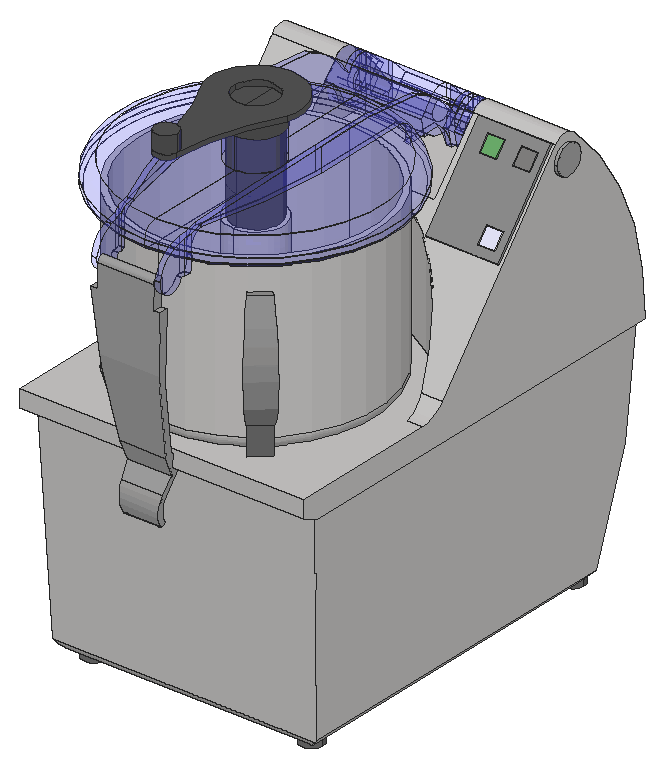
Revit family "QF_DITOSAMA_600450_DK55YVV", category Specialty Equipment, Revit 2018
Family settings
  Round Connector Dimension = Use Diameter
  Part Type = Normal
  Work Plane-Based = No
  Always vertical = Yes
  Cut with Voids When Loaded = No
  Shared = No
  Room Calculation Point = No
Parameters (values of type "QF_DITO SAMA_600450_DK55YVV")
  Weight = 22.00 kg
  Watts = 0 W
  Volts = 200 V
  URL Manufacturer = "http://www.ditosama.com"
  URL = "http://www.ditosama.com"
  Steam Supply Size = 0 mm
  Steam Supply Minimum Pressure = 0.0 Pa
  Steam Supply Maximum Pressure = 0.0 Pa
  Steam Pounds per Hour = 0
  Refrigeration Suction Line Size = 0 mm
  Refrigeration Liquid Line Size = 0 mm
  Refrigerant Compressor Remote = yes
  Manufacturer = "Dito Sama"
  Phase = 1
  Model = "DK55YVV"
  Length Actual = 256.0 mm  # constant formula
  Item Number = "600450"
  Hot Water Size = 0 mm
  Height Actual = 482.0 mm  # constant formula
  HP = "1.7 HP"
  Gas Size = 0 mm
  Gas KW = 0
  Gas Input Pressure = 0 W
  Direct Waste Size = 0 mm
  Description = "CUTTER-MIXER 5.5L-MICROTOOTHED BLADE-VARIAB.SPEED-1300W-200-240/1/50-60"
  Depth Actual = 415.0 mm  # constant formula
  Cycle = 60 Hz
  Condensate Return Size = 0 mm
  Compressed Air Volume = 0.0 L/s
  Compressed Air Size = 0 mm
  Compressed Air Pressure = 0.0 Pa
  Cold Water Size = 0 mm
  Accessory = yes
Reference planes
  plane 1 "Center (Front/Back)": y = 0
  plane 2: z = 0
  plane 3 "Center (Left/Right)": x = 0
  plane 4 "BASE": z = 6
  plane 5 "TOP": z = 685
  plane 6 "FRONT": y = -207.5
  plane 7 "BACK": y = 207.5
  plane 8 "LEFT": x = -128
  plane 9 "RIGHT": x = 128
  plane 10 "CenterX": x = -10
  plane 11 "Maniglia": through (-10, -59.177, 4000) normal (0.766, 0.6428, 0)
  plane 12 "Panel": through (4267.2, 107.252, 388.448) normal (0, 0.766, -0.6428)
  plane 13: z = 470
Forms (mm)
  Extrusion 1, solid, material "QF_Finishes_Stainless Steel"
    sketch origin (0, 0, 0) x (0, 1, 0) y (0, 0, 1)
      loop
        arc (155.897, 6) -> (160.37, 10.596) -> (163.359, 16.27) r 22.417
        arc (163.359, 16.27) -> (192.273, 107.896) -> (201.98, 203.483) r 470.678
        line (201.98, 203.483) -> (-161.42, 203.483)
        arc (-161.42, 203.483) -> (-159.547, 108.877) -> (-151.391, 14.604) r 1423.016
        arc (-151.391, 14.604) -> (-146.603, 8.365) -> (-139.103, 6) r 13.076
        line (-139.103, 6) -> (155.897, 6)
    from -128 to 128
  Extrusion 2, void
    sketch origin (0, -207.5, 0) x (-1, 0, 0) y (0, 0, 1)
      loop
        line (128, 203.483) -> (125, 203.483) -> (119.389, 16.27) -> (109.119, 6) -> (128, 6) -> (128, 203.483)
      loop
        line (-128, 203.483) -> (-128, 6) -> (-109.119, 6) -> (-119.389, 16.27) -> (-125, 203.483) -> (-128, 203.483)
    from 14.374 to 435.947
  Extrusion 3, solid, material "QF_Finishes_Stainless Steel"
    sketch origin (0, 0, 0) x (0, 1, 0) y (0, 0, 1)
      loop
        arc (207.5, 203.483) -> (187.745, 305.45) -> (127.203, 389.844) r 242.898
        arc (127.203, 389.844) -> (116.931, 393.38) -> (107.252, 388.448) r 13.902
        line (107.252, 388.448) -> (-20.106, 236.67)
        arc (-20.106, 236.67) -> (-30.264, 228.875) -> (-42.764, 226.104) r 29.578
        line (-42.764, 226.104) -> (-177.764, 226.104) -> (-177.764, 211.104) -> (-161.42, 203.483) -> (207.5, 203.483)
    from -128 to 128
  Extrusion 4, void
    sketch origin (0, -207.5, 0) x (-1, 0, 0) y (0, 0, 1)
      loop
        line (-53.607, 393.414) -> (-53.607, 336.684) -> (71.073, 336.684) -> (71.073, 393.414) -> (-53.607, 393.414)
    from 255.469 to 415
  Revolve 5, solid, material "QF_Plastic-Black"
    sketch origin (-10, 0, 0) x (0, -1, 0) y (0, 0, 1)
      loop
        line (59.177, 450.527) -> (28.516, 450.527) -> (35.424, 443.619) -> (35.424, 430.527) -> (38.194, 430.527) -> (38.194, 356.104) -> (59.177, 356.104) -> (59.177, 450.527)
      axis (59.177, 356.104) -> (59.177, 450.527)
    angle from 0 to 360
  Extrusion 6, solid, material "QF_Plastic-Black"
    sketch origin (0, 0, 0) x (1, 0, 0) y (0, 1, 0)
      loop
        arc (-48.167, -71.147) -> (-28.951, -114.517) -> (-19.956, -161.093) r 210.055
        arc (-19.956, -161.093) -> (-10, -170.155) -> (-0.044, -161.093) r 10
        arc (-0.044, -161.093) -> (8.951, -114.517) -> (28.167, -71.147) r 210.055
        arc (28.167, -71.147) -> (-10, -19.177) -> (-48.167, -71.147) r 40
    from 450.5 to 455
  Extrusion 7, solid, material "QF_Plastic-Black"
    sketch origin (0, 0, 0) x (1, 0, 0) y (0, 1, 0)
      loop
        circle (-10, -160.155) r 10
    from 455 to 470
  Extrusion 8, void
    sketch origin (0, 0, 0) x (1, 0, 0) y (0, 1, 0)
      loop
        circle (-10, -59.177) r 19
    from 427.6 to 472.8
  Extrusion 9, void
    sketch origin (0, 0, 0) x (1, 0, 0) y (0, 1, 0)
      loop
        arc (115, -59.177) -> (-10, 65.823) -> (-135, -59.177) r 125
        line (-135, -59.177) -> (115, -59.177)
    from 226.104 to 336.684
  Extrusion 10, void
    sketch origin (-20, 0, 0) x (-1, 0, 0) y (0, -1, 0)
      loop
        line (16.15, 177.864) -> (16.15, -123.86) -> (35.771, -123.86) -> (35.771, 48.192)
        arc (35.771, 48.192) -> (30.047, 105.502) -> (17.781, 161.776) r 500.876
        line (17.781, 161.776) -> (17.781, 171.776) -> (16.15, 177.864)
      loop
        line (40.771, -123.86) -> (45.852, -123.86) -> (45.852, 210.681) -> (21.15, 210.681) -> (21.15, 178.522) -> (22.781, 172.434) -> (22.781, 162.459)
        arc (22.781, 162.459) -> (35.047, 105.893) -> (40.771, 48.297) r 505.876
        line (40.771, 48.297) -> (40.771, -123.86)
    from 350.345 to 477.521
  Extrusion 11, solid, material "Glass"
    sketch origin (-20, 0, 0) x (0, 1, 0) y (0, 0, -1)
      loop
        line (-173.064, -369.647) -> (-181.303, -369.647)
        arc (-181.303, -369.647) -> (-196.341, -361.818) -> (-205.451, -376.117) r 12.548
        arc (-205.451, -376.117) -> (-199.87, -388.651) -> (-189.058, -397.099) r 28.357
        arc (-189.058, -397.099) -> (-65.868, -423.241) -> (59.99, -418.888) r 518.061
        arc (59.99, -418.888) -> (85.116, -404.522) -> (104.437, -382.973) r 90.696
        arc (104.437, -382.973) -> (113.885, -392.821) -> (127.203, -389.844) r 13.902
        arc (127.203, -389.844) -> (135.322, -382.188) -> (143.082, -374.167) r 242.898
        line (143.082, -374.167) -> (137.378, -368.464)
        arc (137.378, -368.464) -> (123.613, -353.84) -> (104.088, -358.543) r 20
        line (104.088, -358.543) -> (99.34, -358.543)
        arc (99.34, -358.543) -> (94.194, -371.609) -> (85.823, -382.884) r 53.446
        line (85.823, -382.884) -> (50.823, -382.884)
        arc (50.823, -382.884) -> (52.796, -383.701) -> (53.614, -385.674) r 2.79
        line (53.614, -385.674) -> (53.614, -390.892)
        arc (53.614, -390.892) -> (50.154, -399.244) -> (41.802, -402.703) r 11.812
        line (41.802, -402.703) -> (-160.307, -402.703)
        arc (-160.307, -402.703) -> (-168.659, -399.244) -> (-172.119, -390.892) r 11.812
        line (-172.119, -390.892) -> (-172.119, -385.826)
        arc (-172.119, -385.826) -> (-171.728, -384.361) -> (-170.659, -383.285) r 2.942
        line (-170.659, -383.285) -> (-173.064, -369.647)
      loop
        circle (117.901, -373.007) r 9.416
    from 16.15 to 45.852
  Extrusion 12, solid, material "Glass"
    sketch origin (0, 0, 0) x (0, 1, 0) y (0, 0, 1)
      loop
        line (137.378, 368.464) -> (143.082, 374.167)
        arc (143.082, 374.167) -> (135.322, 382.188) -> (127.203, 389.844) r 242.898
        arc (127.203, 389.844) -> (116.931, 393.38) -> (107.252, 388.448) r 13.902
        line (107.252, 388.448) -> (95.766, 374.76)
        arc (95.766, 374.76) -> (97.862, 366.72) -> (99.34, 358.543) r 108.872
        line (99.34, 358.543) -> (104.088, 358.543)
        arc (104.088, 358.543) -> (123.613, 353.84) -> (137.378, 368.464) r 20
      loop
        circle (117.901, 373.007) r 9.416
    from -71.073 to 53.607
  Extrusion 13, solid, material "QF_Finishes_Gray"
    sketch origin (0, 0, 0) x (0, 1, 0) y (0, 0, 1)
      loop
        arc (-182.273, 168.111) -> (-185.377, 178.111) -> (-182.273, 188.111) r 17.658
        line (-182.273, 188.111) -> (-169.592, 207.294) -> (-177.764, 211.104) -> (-177.764, 222.201) -> (-180.378, 224.815)
        arc (-180.378, 224.815) -> (-194.973, 298.318) -> (-196.805, 373.235) r 437.299
        arc (-196.805, 373.235) -> (-201.296, 377.726) -> (-205.788, 373.235) r 4.491
        arc (-205.788, 373.235) -> (-201.07, 296.739) -> (-185.461, 221.705) r 534.528
        line (-185.461, 221.705) -> (-177.764, 203.503) -> (-186.394, 190.943)
        arc (-186.394, 190.943) -> (-190.377, 178.111) -> (-186.394, 165.28) r 22.658
        arc (-186.394, 165.28) -> (-182.917, 164.635) -> (-182.273, 168.111) r 2.5
    from -49.646 to 27.326
  Extrusion 14, void
    sketch origin (0, -207.5, 0) x (-1, 0, 0) y (0, 0, 1)
      loop
        line (-15.15, 396.938) -> (-47.326, 396.938) -> (-47.326, 161.938) -> (-5.366, 161.938) -> (-20.516, 351.652) -> (-15.15, 351.652) -> (-15.15, 396.938)
      loop
        line (26.963, 161.938) -> (77.918, 161.938) -> (77.918, 396.938) -> (35.15, 396.938) -> (35.15, 351.652) -> (42.113, 351.652) -> (26.963, 161.938)
    from 46.08 to -69.339
  Extrusion 15, solid, material "Glass"
    sketch origin (0, 0, 0) x (0, 1, 0) y (0, 0, 1)
      loop
        line (-173.064, 369.647) -> (-170.659, 383.285)
        arc (-170.659, 383.285) -> (-171.728, 384.361) -> (-172.119, 385.826) r 2.942
        line (-172.119, 385.826) -> (-172.119, 390.892)
        arc (-172.119, 390.892) -> (-168.659, 399.244) -> (-160.307, 402.703) r 11.812
        line (-160.307, 402.703) -> (41.802, 402.703)
        arc (41.802, 402.703) -> (50.154, 399.244) -> (53.614, 390.892) r 11.812
        line (53.614, 390.892) -> (53.614, 385.674)
        arc (53.614, 385.674) -> (52.796, 383.701) -> (50.823, 382.884) r 2.79
        line (50.823, 382.884) -> (85.823, 382.884)
        arc (85.823, 382.884) -> (94.194, 371.609) -> (99.34, 358.543) r 53.446
        line (99.34, 358.543) -> (104.088, 358.543)
        arc (104.088, 358.543) -> (123.613, 353.84) -> (137.378, 368.464) r 20
        line (137.378, 368.464) -> (143.082, 374.167)
        arc (143.082, 374.167) -> (135.322, 382.188) -> (127.203, 389.844) r 242.898
        arc (127.203, 389.844) -> (113.885, 392.821) -> (104.437, 382.973) r 13.902
        arc (104.437, 382.973) -> (85.116, 404.522) -> (59.99, 418.888) r 90.696
        arc (59.99, 418.888) -> (-65.868, 423.241) -> (-189.058, 397.099) r 518.061
        arc (-189.058, 397.099) -> (-199.87, 388.651) -> (-205.451, 376.117) r 28.357
        arc (-205.451, 376.117) -> (-196.341, 361.818) -> (-181.303, 369.647) r 12.548
        line (-181.303, 369.647) -> (-173.064, 369.647)
      loop
        circle (117.901, 373.007) r 9.416
    from 16.15 to 45.852
  Extrusion 16, void
    sketch origin (0, 0, 0) x (1, 0, 0) y (0, 1, 0)
      loop
        line (16.15, -177.864) -> (17.781, -171.776) -> (17.781, -161.776)
        arc (17.781, -161.776) -> (30.047, -105.502) -> (35.771, -48.192) r 500.876
        line (35.771, -48.192) -> (35.771, 123.86) -> (16.15, 123.86) -> (16.15, -177.864)
      loop
        line (40.771, 123.86) -> (40.771, -48.297)
        arc (40.771, -48.297) -> (35.047, -105.893) -> (22.781, -162.459) r 505.876
        line (22.781, -162.459) -> (22.781, -172.434) -> (21.15, -178.522) -> (21.15, -210.681) -> (45.852, -210.681) -> (45.852, 123.86) -> (40.771, 123.86)
    from 350.345 to 477.521
  Revolve 17, solid, material "Glass"
    sketch origin (-10, 0, -40) x (0, -1, 0) y (0, 0, 1)
      loop
        line (38.194, 422.884) -> (38.194, 470.527) -> (35.424, 470.527) -> (35.424, 442.703) -> (-53.802, 442.703)
        arc (-53.802, 442.703) -> (-62.213, 439.268) -> (-65.732, 430.892) r 11.871
        line (-65.732, 430.892) -> (-65.732, 425.793)
        arc (-65.732, 425.793) -> (-64.88, 423.736) -> (-62.823, 422.884) r 2.909
        line (-62.823, 422.884) -> (38.194, 422.884)
      axis (59.177, 422.884) -> (59.177, 470.527)
    angle from 0 to 360
  Revolve 18, solid, material "QF_Metal-Stainless-Polished"
    sketch origin (-10, 0, 0) x (0, -1, 0) y (0, 0, 1)
      loop
        line (169.177, 382.884) -> (164.177, 382.884) -> (164.177, 237.884)
        arc (164.177, 237.884) -> (162.191, 233.09) -> (157.397, 231.104) r 6.78
        line (157.397, 231.104) -> (84.177, 231.104) -> (84.177, 356.104) -> (79.177, 356.104) -> (79.177, 226.104) -> (157.397, 226.104)
        arc (157.397, 226.104) -> (165.726, 229.554) -> (169.177, 237.884) r 11.78
        line (169.177, 237.884) -> (169.177, 382.884)
      axis (59.177, 382.884) -> (59.177, 226.104)
    angle from 0 to 360
  Extrusion 19, solid, material "QF_Plastic-Gray-Matte"
    sketch origin (-49.423, -13.925, 0) x (0.634002, 0.773331, 0) y (-0.773331, 0.634002, 0)
      loop
        line (-55.497, -222.333) -> (-26.468, -227.794) -> (-20.635, -161.119)
        arc (-20.635, -161.119) -> (-28.727, -159.898) -> (-36.729, -158.185) r 133.529
        line (-36.729, -158.185) -> (-55.497, -222.333)
    from 226.104 to 356.104
  Revolve 20, void
    sketch origin (-35.007, -29.374, 0) x (-0.642788, 0.766044, 0) y (0, 0, 1)
      loop
        arc (-155.215, 337.579) -> (-171.344, 302.579) -> (-155.215, 267.579) r 46.04
        line (-155.215, 267.579) -> (-147.754, 267.579) -> (-147.754, 337.579) -> (-155.215, 337.579)
      loop
        line (-155.215, 356.104) -> (-147.754, 356.104) -> (-147.754, 361.761) -> (-215.215, 361.761) -> (-215.215, 226.104) -> (-147.754, 226.104) -> (-147.754, 256.485) -> (-163.93, 256.485)
        arc (-163.93, 256.485) -> (-184.453, 308.471) -> (-155.215, 356.104) r 62.537
      axis (10, 361.761) -> (10, 226.104)
    angle from -8.217 to 8.652
  Extrusion 21, solid, material "QF_Finishes_Rubber Black"
    sketch origin (0, 0, 0) x (1, 0, 0) y (0, 1, 0)
      loop
        arc (57.446, -154.071) -> (64.931, -148.135) -> (72.061, -141.775) r 165.215
        line (72.061, -141.775) -> (66.401, -136.116)
        arc (66.401, -136.116) -> (59.824, -141.977) -> (52.928, -147.46) r 157.215
        line (52.928, -147.46) -> (57.446, -154.071)
    from 226.104 to 256.485
  Extrusion 22, solid, material "QF_Plastic-Gray-Matte"
    sketch origin (0, -128.336, 107.686) x (0, 0.642788, 0.766044) y (1, 0, 0)
      loop
        line (366.07, 59.066) -> (366.07, 124.8) -> (272.743, 124.8) -> (272.743, 59.066) -> (366.07, 59.066)
      loop
        line (356.63, 102.599) -> (356.63, 117.599) -> (341.63, 117.599) -> (341.63, 102.599) -> (356.63, 102.599)
      loop
        line (295.63, 102.599) -> (295.63, 117.599) -> (280.63, 117.599) -> (280.63, 102.599) -> (295.63, 102.599)
      loop
        line (356.63, 72.599) -> (356.63, 87.599) -> (341.63, 87.599) -> (341.63, 72.599) -> (356.63, 72.599)
    from -1 to 0.6
  Extrusion 23, solid, material "QF_Finishes_Red"
    sketch origin (0, -128.336, 107.686) x (0, 0.642788, 0.766044) y (1, 0, 0)
      loop
        line (356.63, 102.599) -> (356.63, 117.599) -> (341.63, 117.599) -> (341.63, 102.599) -> (356.63, 102.599)
    from -1 to 0.6
  Extrusion 24, solid, material "QF_Finishes_Green"
    sketch origin (-27.396, -127.834, 108.284) x (0, 0.642788, 0.766044) y (1, 0, 0)
      loop
        line (355.85, 99.994) -> (355.85, 114.994) -> (340.786, 114.994) -> (340.786, 99.994) -> (355.85, 99.994)
    from -1 to 0.6
  Extrusion 25, solid, material "QF_Plastic-White-Matte"
    sketch origin (0, -167.546, 60.958) x (0, 0.642788, 0.766044) y (1, 0, 0)
      loop
        line (356.63, 102.599) -> (356.63, 117.599) -> (341.63, 117.599) -> (341.63, 102.599) -> (356.63, 102.599)
    from -1 to 0.6
  Extrusion 26, solid, material "QF_Finishes_Stainless Steel"
    sketch origin (0, 207.5, 0) x (-1, 0, 0) y (0, 0, 1)
      loop
        circle (0, 202) r 10.353
    from -6.2 to 3
  Revolve 27, solid, material "QF_Door-Drawer Clearances", detail levels coarse
    sketch origin (-10, -221.856, 479.549) x (0, 0, 1) y (0, 1, 0)
      loop
        line (59.177, 490.527) -> (28.516, 490.527) -> (35.424, 483.619) -> (35.424, 470.527) -> (38.194, 470.527) -> (38.194, 442.703) -> (59.177, 442.703) -> (59.177, 490.527)
      axis (59.177, 442.703) -> (59.177, 490.527)
    angle from 0 to 360
  Extrusion 28, solid, material "QF_Door-Drawer Clearances", detail levels coarse
    sketch origin (0, -221.856, 479.549) x (1, 0, 0) y (0, 0, -1)
      loop
        arc (-48.167, -71.147) -> (-28.951, -114.517) -> (-19.956, -161.093) r 210.055
        arc (-19.956, -161.093) -> (-10, -170.155) -> (-0.044, -161.093) r 10
        arc (-0.044, -161.093) -> (8.951, -114.517) -> (28.167, -71.147) r 210.055
        arc (28.167, -71.147) -> (-10, -19.177) -> (-48.167, -71.147) r 40
    from 490.527 to 495.013
  Extrusion 29, solid, material "QF_Door-Drawer Clearances", detail levels coarse
    sketch origin (0, -221.856, 479.549) x (1, 0, 0) y (0, 0, -1)
      loop
        circle (-10, -160.155) r 10
    from 495.013 to 510.592
  Extrusion 30, void
    sketch origin (-20, -221.856, 479.359) x (-1, 0, 0) y (0, 0, 1)
      loop
        line (16.15, 177.864) -> (16.15, -123.86) -> (35.771, -123.86) -> (35.771, 48.192)
        arc (35.771, 48.192) -> (30.047, 105.502) -> (17.781, 161.776) r 500.876
        line (17.781, 161.776) -> (17.781, 171.776) -> (16.15, 177.864)
      loop
        line (40.771, -123.86) -> (45.852, -123.86) -> (45.852, 210.681) -> (21.15, 210.681) -> (21.15, 178.522) -> (22.781, 172.434) -> (22.781, 162.459)
        arc (22.781, 162.459) -> (35.047, 105.893) -> (40.771, 48.297) r 505.876
        line (40.771, 48.297) -> (40.771, -123.86)
    from 350.345 to 477.521
  Extrusion 31, solid, material "QF_Door-Drawer Clearances", detail levels coarse
    sketch origin (-20, -221.856, 479.359) x (0, 0, -1) y (0, -1, 0)
      loop
        line (-173.064, -409.647) -> (-181.303, -409.647)
        arc (-181.303, -409.647) -> (-196.341, -401.818) -> (-205.451, -416.117) r 12.548
        arc (-205.451, -416.117) -> (-199.87, -428.651) -> (-189.058, -437.099) r 28.357
        arc (-189.058, -437.099) -> (-65.868, -463.241) -> (59.99, -458.888) r 518.061
        arc (59.99, -458.888) -> (92.246, -438.11) -> (113.023, -405.855) r 90.696
        arc (113.023, -405.855) -> (114.903, -399.662) -> (115.972, -393.28) r 50.278
        arc (115.972, -393.28) -> (121.968, -392.806) -> (127.203, -389.844) r 13.902
        arc (127.203, -389.844) -> (129.309, -387.924) -> (131.393, -385.98) r 242.898
        arc (131.393, -385.98) -> (114.739, -373.307) -> (99.238, -359.247) r 242.898
        arc (99.238, -359.247) -> (87.934, -393.903) -> (65.823, -422.884) r 108.872
        line (65.823, -422.884) -> (50.823, -422.884)
        arc (50.823, -422.884) -> (52.796, -423.701) -> (53.614, -425.674) r 2.79
        line (53.614, -425.674) -> (53.614, -430.892)
        arc (53.614, -430.892) -> (50.154, -439.244) -> (41.802, -442.703) r 11.812
        line (41.802, -442.703) -> (-160.307, -442.703)
        arc (-160.307, -442.703) -> (-168.659, -439.244) -> (-172.119, -430.892) r 11.812
        line (-172.119, -430.892) -> (-172.119, -425.826)
        arc (-172.119, -425.826) -> (-171.728, -424.361) -> (-170.659, -423.285) r 2.942
        line (-170.659, -423.285) -> (-173.064, -409.647)
    from 16.15 to 45.852
  Extrusion 32, void
    sketch origin (0, -221.856, 479.359) x (1, 0, 0) y (0, 0, -1)
      loop
        line (16.15, -177.864) -> (17.781, -171.776) -> (17.781, -161.776)
        arc (17.781, -161.776) -> (30.047, -105.502) -> (35.771, -48.192) r 500.876
        line (35.771, -48.192) -> (35.771, 123.86) -> (16.15, 123.86) -> (16.15, -177.864)
      loop
        line (40.771, 123.86) -> (40.771, -48.297)
        arc (40.771, -48.297) -> (35.047, -105.893) -> (22.781, -162.459) r 505.876
        line (22.781, -162.459) -> (22.781, -172.434) -> (21.15, -178.522) -> (21.15, -210.681) -> (45.852, -210.681) -> (45.852, 123.86) -> (40.771, 123.86)
    from 350.345 to 477.521
  Extrusion 33, solid, material "QF_Door-Drawer Clearances", detail levels coarse
    sketch origin (0, -221.856, 479.359) x (0, 0, -1) y (0, 1, 0)
      loop
        line (-173.064, 409.647) -> (-170.659, 423.285)
        arc (-170.659, 423.285) -> (-171.728, 424.361) -> (-172.119, 425.826) r 2.942
        line (-172.119, 425.826) -> (-172.119, 430.892)
        arc (-172.119, 430.892) -> (-168.659, 439.244) -> (-160.307, 442.703) r 11.812
        line (-160.307, 442.703) -> (41.802, 442.703)
        arc (41.802, 442.703) -> (50.154, 439.244) -> (53.614, 430.892) r 11.812
        line (53.614, 430.892) -> (53.614, 425.674)
        arc (53.614, 425.674) -> (52.796, 423.701) -> (50.823, 422.884) r 2.79
        line (50.823, 422.884) -> (65.823, 422.884)
        arc (65.823, 422.884) -> (87.934, 393.903) -> (99.238, 359.247) r 108.872
        arc (99.238, 359.247) -> (114.739, 373.307) -> (131.393, 385.98) r 242.898
        arc (131.393, 385.98) -> (129.309, 387.924) -> (127.203, 389.844) r 242.898
        arc (127.203, 389.844) -> (121.968, 392.806) -> (115.972, 393.28) r 13.902
        arc (115.972, 393.28) -> (114.903, 399.662) -> (113.023, 405.855) r 50.278
        arc (113.023, 405.855) -> (92.246, 438.11) -> (59.99, 458.888) r 90.696
        arc (59.99, 458.888) -> (-65.868, 463.241) -> (-189.058, 437.099) r 518.061
        arc (-189.058, 437.099) -> (-199.87, 428.651) -> (-205.451, 416.117) r 28.357
        arc (-205.451, 416.117) -> (-196.341, 401.818) -> (-181.303, 409.647) r 12.548
        line (-181.303, 409.647) -> (-173.064, 409.647)
    from 16.15 to 45.852
  Revolve 34, solid, material "QF_Door-Drawer Clearances", detail levels coarse
    sketch origin (-10, -221.856, 479.549) x (0, 0, 1) y (0, 1, 0)
      loop
        line (38.194, 422.884) -> (38.194, 470.527) -> (35.424, 470.527) -> (35.424, 442.703) -> (-53.802, 442.703)
        arc (-53.802, 442.703) -> (-62.213, 439.268) -> (-65.732, 430.892) r 11.871
        line (-65.732, 430.892) -> (-65.732, 425.793)
        arc (-65.732, 425.793) -> (-64.88, 423.736) -> (-62.823, 422.884) r 2.909
        line (-62.823, 422.884) -> (38.194, 422.884)
      axis (59.177, 422.884) -> (59.177, 470.527)
    angle from 0 to 360
  Extrusion 35, solid, material "QF_Finishes_Rubber Black"
    sketch origin (0, 0, 0) x (1, 0, 0) y (0, 1, 0)
      loop
        circle (-98.592, 163.359) r 10
      loop
        circle (-98.592, -131.641) r 10
      loop
        circle (98.592, 163.359) r 10
      loop
        circle (98.592, -131.641) r 10
    from 0 to 6
  Extrusion 36, solid, material "QF_Finishes_Gray"
    sketch origin (0, 0, 0) x (0, 1, 0) y (0, 0, 1)
      loop
        circle (117.901, 373.007) r 13.005
    from 131.516 to 128
  Extrusion 37, solid, material "QF_Finishes_Gray"
    sketch origin (0, 0, 0) x (0, 1, 0) y (0, 0, -1)
      loop
        circle (117.901, -373.007) r 13.005
    from 131.516 to 128
Cuts and joins
  Extrusion 2, Extrusion 8, Extrusion 9 cuts Extrusion 1
  Extrusion 4, Extrusion 9 cuts Extrusion 3
  Extrusion 8 cuts Extrusion 6
  Extrusion 10, Extrusion 16, Extrusion 30, Extrusion 32 cuts Extrusion 11
  Extrusion 14, Extrusion 16, Extrusion 30 cuts Extrusion 13
  Extrusion 16, Extrusion 30, Extrusion 32 cuts Extrusion 12
  Extrusion 16 cuts Extrusion 15
  Revolve 20 cuts Extrusion 19
  Extrusion 30 cuts Revolve 17
  Extrusion 30 cuts Revolve 18
  Extrusion 30, Extrusion 32 cuts Extrusion 31
  Extrusion 32 cuts Extrusion 33
Lines and regions (mm)
  symbolic lines
    curve 1: arc (-10, -172.155, 0) -> (3.999, -171.284, 0) -> (17.781, -168.686, 0) r 112.979
    curve 2: arc (-10, -184.085, 0) -> (-23.148, -183.391, 0) -> (-36.15, -181.317, 0) r 124.909
    curve 3: line (128, -157.764, 0) -> (128, 187.57, 0)
    curve 4: line (124.8, 106.204, 0) -> (59.066, 106.204, 0)
    curve 5: line (102.599, 90.494, 0) -> (117.599, 90.494, 0)
    curve 6: line (117.599, 62.151, 0) -> (102.599, 62.151, 0)
    curve 7: line (102.599, 51.284, 0) -> (117.599, 51.284, 0)
    curve 8: line (102.599, 62.151, 0) -> (102.599, 51.284, 0)
    curve 9: line (117.599, 51.284, 0) -> (117.599, 62.151, 0)
    curve 10: line (117.599, 90.494, 0) -> (117.599, 101.361, 0)
    curve 11: line (102.599, 101.361, 0) -> (102.599, 90.494, 0)
    curve 12: arc (-0.044, -161.093, 0) -> (8.951, -114.517, 0) -> (28.167, -71.147, 0) r 210.055
    curve 13: arc (28.167, -71.147, 0) -> (-10, -19.177, 0) -> (-48.167, -71.147, 0) r 40
    curve 14: arc (-48.167, -71.147, 0) -> (-28.951, -114.517, 0) -> (-19.956, -161.093, 0) r 210.055
    curve 15: arc (-19.956, -161.093, 0) -> (-10, -170.155, 0) -> (-0.044, -161.093, 0) r 10
    curve 16: arc (0, -160.155, 0) -> (-10, -150.155, 0) -> (-20, -160.155, 0) r 10
    curve 17: arc (-55.771, -48.192, 0) -> (-50.047, -105.502, 0) -> (-37.781, -161.776, 0) r 500.876
    curve 18: arc (-42.781, -162.459, 0) -> (-55.047, -105.893, 0) -> (-60.771, -48.297, 0) r 505.876
    curve 19: line (-55.771, 123.86, 0) -> (-55.771, -48.192, 0)
    curve 20: line (-60.771, -48.297, 0) -> (-60.771, 123.86, 0)
    curve 21: line (40.771, 123.86, 0) -> (40.771, -48.297, 0)
    curve 22: line (35.771, -48.192, 0) -> (35.771, 123.86, 0)
    curve 23: arc (40.771, -48.297, 0) -> (35.047, -105.893, 0) -> (22.781, -162.459, 0) r 505.876
    curve 24: arc (17.781, -161.776, 0) -> (30.047, -105.502, 0) -> (35.771, -48.192, 0) r 500.876
    curve 25: line (22.781, -162.459, 0) -> (22.781, -172.434, 0)
    curve 26: line (17.781, -171.776, 0) -> (17.781, -161.776, 0)
    curve 27: line (16.15, -177.864, 0) -> (17.781, -171.776, 0)
    curve 28: line (22.781, -172.434, 0) -> (21.15, -178.522, 0)
    curve 29: line (21.15, -178.522, 0) -> (21.15, -205.641, 0)
    curve 30: line (-37.781, -161.776, 0) -> (-37.781, -171.776, 0)
    curve 31: line (-42.781, -172.434, 0) -> (-42.781, -162.459, 0)
    curve 32: line (-41.15, -178.522, 0) -> (-42.781, -172.434, 0)
    curve 33: line (-37.781, -171.776, 0) -> (-36.15, -177.864, 0)
    curve 34: line (-41.15, -205.641, 0) -> (-41.15, -178.522, 0)
    curve 35: spline (22.008, -197.61, 0) -> (21.937, -197.617, 0) -> (21.865, -197.622, 0) -> (21.794, -197.626, 0) -> (21.722, -197.627, 0) -> (21.651, -197.627, 0) -> (21.579, -197.625, 0) -> (21.508, -197.621, 0) -> (21.436, -197.615, 0) -> (21.365, -197.608, 0) -> (21.293, -197.598, 0) -> (21.222, -197.587, 0) -> (21.15, -197.574, 0)
    curve 36: line (-71.073, 171.51, 0) -> (53.607, 171.51, 0)
    curve 37: line (59.066, 46.214, 0) -> (124.8, 46.214, 0)
    curve 38: line (59.066, 106.204, 0) -> (59.066, 46.214, 0)
    curve 39: line (124.8, 46.214, 0) -> (124.8, 107.429, 0)
    curve 40: line (53.607, 48.324, 0) -> (53.607, 171.51, 0)
    curve 41: line (-71.073, 171.51, 0) -> (-71.073, 49.783, 0)
    curve 42: arc (40.771, 54.948, 0) -> (114.476, -69.566, 0) -> (21.15, -180.138, 0) r 124.909
    curve 43: arc (-60.771, 41.751, 0) -> (-122.562, -68.863, 0) -> (-42.781, -167.295, 0) r 112.979
    curve 44: line (93.154, -162.392, 0) -> (78.293, -147.531, 0)
    curve 45: line (93.154, -162.392, 0) -> (74.048, -178.424, 0)
    curve 46: line (74.048, -178.424, 0) -> (61.96, -161.274, 0)
    curve 47: arc (-37.781, -168.686, 0) -> (-23.999, -171.284, 0) -> (-10, -172.155, 0) r 112.979
    curve 48: arc (-41.15, -180.138, 0) -> (-94.625, -151.05, 0) -> (-128, -100.142, 0) r 124.909
    curve 49: arc (22.781, -167.295, 0) -> (102.562, -68.863, 0) -> (40.771, 41.751, 0) r 112.979
    curve 50: arc (16.15, -181.317, 0) -> (3.148, -183.391, 0) -> (-10, -184.085, 0) r 124.909
    curve 51: line (16.15, -205.242, 0) -> (16.15, -177.864, 0)
    curve 52: line (-36.15, -205.641, 0) -> (-36.15, -177.864, 0)
    curve 53: line (-41.15, -205.641, 0) -> (21.15, -205.641, 0)
    curve 54: line (22.008, -205.53, 0) -> (22.008, -197.61, 0)
    curve 55: line (22.008, -205.53, 0) -> (21.15, -205.53, 0)
    curve 56: spline (-42.008, -197.61, 0) -> (-41.937, -197.617, 0) -> (-41.865, -197.622, 0) -> (-41.794, -197.626, 0) -> (-41.722, -197.627, 0) -> (-41.651, -197.627, 0) -> (-41.579, -197.625, 0) -> (-41.508, -197.621, 0) -> (-41.436, -197.615, 0) -> (-41.365, -197.608, 0) -> (-41.293, -197.598, 0) -> (-41.222, -197.587, 0) -> (-41.15, -197.574, 0)
    curve 57: line (-42.008, -205.53, 0) -> (-42.008, -197.61, 0)
    curve 58: line (-42.008, -205.53, 0) -> (-41.15, -205.53, 0)
    curve 59: arc (-128, -18.211, 0) -> (-101.973, 25.34, 0) -> (-60.771, 54.948, 0) r 124.909
    curve 60: arc (-128, -100.142, 0) -> (-134.909, -59.177, 0) -> (-128, -18.211, 0) r 124.909
    curve 61: line (-108, -177.764, 0) -> (-49.233, -177.764, 0)
    curve 62: line (-128, 187.57, 0) -> (-128, -17.764, 0)
    curve 63: line (29.233, -177.764, 0) -> (108, -177.764, 0)
    curve 64: line (-128, -97.764, 0) -> (-128, -157.764, 0)
    curve 65: line (-108, 207.57, 0) -> (108, 207.57, 0)
    curve 66: arc (-128, -157.764, 0) -> (-122.142, -171.906, 0) -> (-108, -177.764, 0) r 20
    curve 67: arc (108, -177.764, 0) -> (122.142, -171.906, 0) -> (128, -157.764, 0) r 20
    curve 68: arc (128, 187.57, 0) -> (122.142, 201.713, 0) -> (108, 207.57, 0) r 20
    curve 69: arc (-108, 207.57, 0) -> (-122.142, 201.713, 0) -> (-128, 187.57, 0) r 20
    curve 70: line (45.852, 123.86, 0) -> (-71.073, 123.86, 0)
    curve 71: line (45.852, 137.378, 0) -> (-65.852, 137.378, 0)
    curve 72: line (45.852, 143.082, 0) -> (-65.852, 143.082, 0)
    curve 73: line (53.607, 123.86, 0) -> (45.852, 123.86, 0)
    curve 74: line (45.852, 123.86, 0) -> (45.852, 170.216, 0)
    curve 75: line (45.852, 170.216, 0) -> (-65.852, 170.216, 0)
    curve 76: line (-65.852, 170.216, 0) -> (-65.852, 123.86, 0)
    curve 77: line (102.599, 101.361, 0) -> (117.599, 101.361, 0)
    curve 78: line (72.599, 90.494, 0) -> (87.599, 90.494, 0)
    curve 79: line (87.599, 90.494, 0) -> (87.599, 101.361, 0)
    curve 80: line (72.599, 101.361, 0) -> (72.599, 90.494, 0)
    curve 81: line (72.599, 101.361, 0) -> (87.599, 101.361, 0)
Dimensions and locks
  plane 4 "BASE" to level = 6.0 mm
  plane 5 "TOP" to level = 685.0 mm  (x2)
  plane 8 "LEFT" to plane 3 "Center (Left/Right)" to plane 9 "RIGHT" = 128.0 mm, 128.0 mm
  plane 7 "BACK" to plane 1 "Center (Front/Back)" to plane 6 "FRONT" = 207.5 mm, 207.5 mm
  plane 7 "BACK" to plane 6 "FRONT" = 415.0 mm
  plane 8 "LEFT" to plane 9 "RIGHT" = 256.0 mm
  plane 10 "CenterX" to plane 3 "Center (Left/Right)" = 10.0 mm
  plane 13 to level = 470.0 mm
  aligned and locked: level to plane 2
  aligned and locked: Extrusion 22 sketch curve to Extrusion 23
Connectors
  electrical at (0, 210.5, 202)
    settings: on Extrusion 26, index 1, voltage 0 V, apparent load 0 VA, apparent load phase1 0 VA, apparent load phase2 0 VA, apparent load phase3 0 VA, power factor 1, load classification "Other", number of poles 1, system type 30, power factor state 1, is connector primary yes, connector utility no, sub classification motor no, connector description "Electrical connection"
